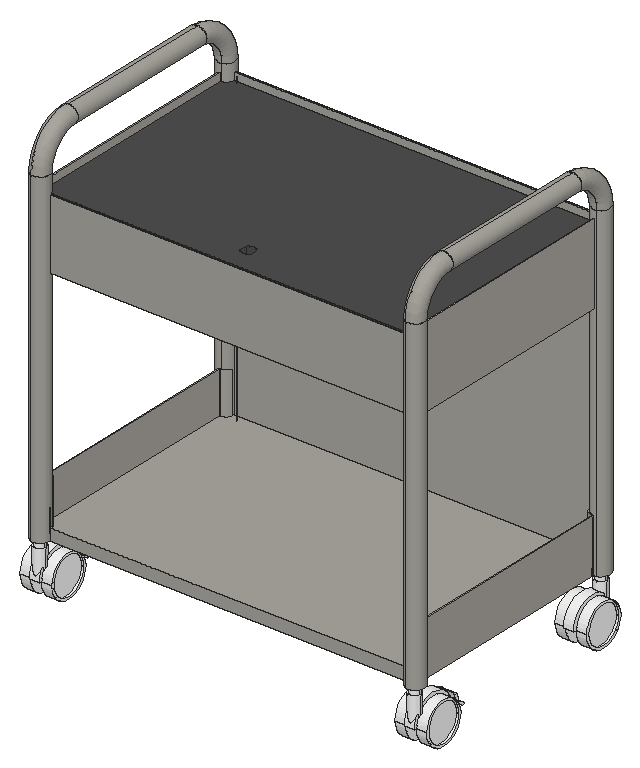
Revit family "Storage-Teknion-CQCPT_Routes_Personal_Tote-R2018", category Furniture, Revit 2018 (continued)
Automatic sketch dimensions
  level to Sweep 39 sketch curve = 1.17745"
  plane 7 "Front" to Sweep 40 sketch curve = 0.463"
  Sweep 40 sketch curve to level = 1.29995"
  Sweep 40 sketch curve to Sweep 40 sketch curve = 1.500"
  Sweep 40 sketch curve to profile plane = 0.00212"
  Sweep 40 sketch curve to profile plane = 10.50134"
  plane 7 "Front" to Sweep 41 sketch curve = 0.50025"
  Sweep 41 sketch curve to level = 1.80495"
  Sweep 41 sketch curve to Sweep 41 sketch curve = 1.7525"
  profile plane to Sweep 41 sketch curve = 0.03791"
  Sweep 41 sketch curve to profile plane = 10.50108"
  plane 5 "Right" to Sweep 42 sketch curve = 1.780"
  Sweep 42 sketch curve to plane 7 "Front" = 1.43945"
  Sweep 42 sketch curve to Sweep 42 sketch curve = 0.175"
  profile plane to Sweep 42 sketch curve = 0.05464"
  level to Sweep 42 sketch curve = 1.17857"
  Sweep 43 sketch curve to plane 5 "Right" = 0.000"
  plane 5 "Right" to Sweep 43 sketch curve = 0.175"
  Sweep 43 sketch curve to plane 7 "Front" = 1.33018"
  profile plane to Sweep 43 sketch curve = 0.05464"
  level to Sweep 43 sketch curve = 1.17857"
  plane 5 "Right" to Sweep 44 sketch curve = 1.3275"
  plane 5 "Right" to Sweep 44 sketch curve = 0.4525"
  Sweep 44 sketch curve to plane 7 "Front" = 3.09394"
  profile plane to Sweep 44 sketch curve = 1.78917"
  Sweep 44 sketch curve to Sweep 44 sketch curve = 0.24724"
  profile plane to Sweep 44 sketch curve = 0.43198"
  profile plane to Sweep 44 sketch curve = 0.22745"
  Sweep 44 sketch curve to Sweep 44 sketch curve = 0.0247"
  Sweep 44 sketch curve to Sweep 44 sketch curve = 0.08134"
  Sweep 44 sketch curve to profile plane = 0.15534"
  Sweep 44 sketch curve to Sweep 44 sketch curve = 0.02934"  (x2)
  level to Sweep 44 sketch curve = 1.0953"
  level to Sweep 44 sketch curve = 1.14964"
  Sweep 44 sketch curve to Sweep 44 sketch curve = 0.05518"
  Sweep 44 sketch curve to Sweep 44 sketch curve = 0.07735"
  Sweep 44 sketch curve to Sweep 44 sketch curve = 0.20353"
  Sweep 44 sketch curve to Sweep 44 sketch curve = 0.02993"
  Sweep 44 sketch curve to Sweep 44 sketch curve = 0.05525"
  Sweep 44 sketch curve to Sweep 44 sketch curve = 0.41708"
  Sweep 44 sketch curve to Sweep 44 sketch curve = 0.01933"
  Sweep 44 sketch curve to Sweep 44 sketch curve = 0.000"
  plane 5 "Right" to Sweep 45 sketch curve = 1.0775"
  plane 5 "Right" to Sweep 45 sketch curve = 0.7025"
  Sweep 45 sketch curve to plane 7 "Front" = 2.29172"
  profile plane to Sweep 45 sketch curve = 0.90327"
  profile plane to Sweep 45 sketch curve = 0.0768"
  profile plane to Sweep 45 sketch curve = 0.03725"
  Sweep 45 sketch curve to profile plane = 0.19938"
  Sweep 45 sketch curve to Sweep 45 sketch curve = 0.07926"
  Sweep 45 sketch curve to Sweep 45 sketch curve = 0.11438"
  Sweep 45 sketch curve to Sweep 45 sketch curve = 0.22006"
  Sweep 45 sketch curve to Sweep 45 sketch curve = 0.20377"
  Sweep 45 sketch curve to Sweep 45 sketch curve = 0.11457"
  level to Sweep 45 sketch curve = 0.67745"
  Sweep 45 sketch curve to Sweep 45 sketch curve = 0.21628"
  Sweep 45 sketch curve to Sweep 45 sketch curve = 0.25029"
  Sweep 45 sketch curve to Sweep 45 sketch curve = 0.16849"
  Sweep 45 sketch curve to Sweep 45 sketch curve = 0.21547"
  Sweep 45 sketch curve to Sweep 45 sketch curve = 0.500"
  Sweep 45 sketch curve to Sweep 45 sketch curve = 0.25369"
  Sweep 46 sketch curve to plane 3 "Center Left/Right" = 0.000"
  Sweep 46 sketch curve to profile plane = 0.000"  (x2)
  profile plane to Sweep 46 sketch curve = 0.31496"
  plane 1 "Center Front/Back" to Sweep 46 sketch curve = 4.83438"
  Sweep 46 sketch curve to profile plane = 0.31496"
  Sweep 46 sketch curve to Sweep 46 sketch curve = 0.20616"
  Sweep 46 sketch curve to Sweep 46 sketch curve = 0.0061"
  Sweep 46 sketch curve to Sweep 46 sketch curve = 0.1948"
  profile plane to Sweep 47 sketch curve = 0.16231"
  Sweep 47 sketch curve to profile plane = 0.47417"
  Sweep 48 sketch curve to profile plane = 0.000"
  Sweep 48 sketch curve to profile plane = 0.49933"
  plane 4 "Left" to Masking region 1 sketch curve = 0.39194"
  Masking region 1 sketch curve to Masking region 1 sketch curve = 0.49928"
  Masking region 1 sketch curve to plane 7 "Front" = 0.50158"
  Masking region 1 sketch curve to plane 6 "Back" = 0.47668"
  Masking region 4 sketch curve to plane 6 "Back" = 0.57547"
  plane 4 "Left" to Masking region 4 sketch curve = 1.39111"
  plane 5 "Right" to Masking region 4 sketch curve = 1.39051"
  Masking region 4 sketch curve to Masking region 4 sketch curve = 0.0867"
  Masking region 5 sketch curve to plane 7 "Front" = 0.58694"
  plane 4 "Left" to Masking region 5 sketch curve = 1.39111"
  plane 5 "Right" to Masking region 5 sketch curve = 1.38791"
  Masking region 5 sketch curve to plane 6 "Back" = 0.57547"
  Masking region 6 sketch curve to plane 7 "Front" = 0.50475"
  plane 4 "Left" to Masking region 6 sketch curve = 1.39011"
  plane 5 "Right" to Masking region 6 sketch curve = 1.38791"
  Masking region 6 sketch curve to Masking region 6 sketch curve = 0.0822"
  Masking region 3 sketch curve to plane 7 "Front" = 0.49836"
  Masking region 3 sketch curve to plane 6 "Back" = 0.47668"
  plane 5 "Right" to Masking region 3 sketch curve = 0.39194"
  Masking region 3 sketch curve to Masking region 3 sketch curve = 0.49928"
  Masking region 7 sketch curve to plane 7 "Front" = 0.58694"
  plane 4 "Left" to Masking region 7 sketch curve = 1.39111"
  plane 5 "Right" to Masking region 7 sketch curve = 1.38791"
  Masking region 7 sketch curve to plane 6 "Back" = 0.57547"
  Masking region 2 sketch curve to Masking region 2 sketch curve = 0.000"  (x6)
  Masking region 2 sketch curve to plane 4 "Left" = 0.000"  (x2)
  Masking region 2 sketch curve to plane 5 "Right" = 0.000"  (x2)
  plane 4 "Left" to Masking region 2 sketch curve = 0.38987"
  plane 4 "Left" to Masking region 2 sketch curve = 0.39194"
  Masking region 2 sketch curve to Masking region 2 sketch curve = 0.05505"
  Masking region 2 sketch curve to Masking region 2 sketch curve = 0.0906"
  Masking region 2 sketch curve to Masking region 2 sketch curve = 0.49787"
  Masking region 2 sketch curve to Masking region 2 sketch curve = 0.49758"
  Masking region 2 sketch curve to Masking region 2 sketch curve = 0.00171"  (x2)
  Masking region 2 sketch curve to plane 7 "Front" = 0.2123"  (x4)
  Masking region 2 sketch curve to Masking region 2 sketch curve = 0.40728"  (x2)
  Masking region 2 sketch curve to Masking region 2 sketch curve = 0.43874"  (x2)
  Masking region 2 sketch curve to Masking region 2 sketch curve = 0.09289"  (x2)
  Masking region 2 sketch curve to Masking region 2 sketch curve = 0.06114"  (x2)
  Masking region 2 sketch curve to Masking region 2 sketch curve = 0.38876"  (x2)
  Masking region 2 sketch curve to Masking region 2 sketch curve = 0.48498"
  Masking region 2 sketch curve to plane 7 "Front" = 0.58694"
  plane 5 "Right" to Masking region 2 sketch curve = 1.780"
  Masking region 2 sketch curve to plane 6 "Back" = 0.24877"
  plane 5 "Right" to Masking region 2 sketch curve = 1.77987"
  Masking region 2 sketch curve to Masking region 2 sketch curve = 0.39209"
  Masking region 2 sketch curve to Masking region 2 sketch curve = 0.48047"
  plane 5 "Right" to Masking region 2 sketch curve = 0.44699"
  plane 5 "Right" to Masking region 2 sketch curve = 0.39194"
  Masking region 2 sketch curve to Masking region 2 sketch curve = 0.38987"
  Masking region 2 sketch curve to Masking region 2 sketch curve = 0.24398"  (x2)
  Masking region 2 sketch curve to Masking region 2 sketch curve = 0.0846"
  Masking region 2 sketch curve to Masking region 2 sketch curve = 2.10104"  (x2)
  Masking region 2 sketch curve to plane 6 "Back" = 2.59379"
  Masking region 2 sketch curve to Masking region 2 sketch curve = 2.10502"
  Masking region 2 sketch curve to plane 6 "Back" = 0.48877"
  Masking region 2 sketch curve to plane 6 "Back" = 0.47668"  (x2)
  curve 12 to plane 3 "Center Left/Right" = 0.000"
  curve 14 to plane 3 "Center Left/Right" = 0.000"
  curve 11 to plane 3 "Center Left/Right" = 0.31496"
  plane 4 "Left" to curve 16 = 1.780"
  plane 4 "Left" to curve 76 = 1.3275"
  curve 85 to plane 7 "Front" = 0.2123"
  plane 4 "Left" to curve 85 = 1.215"
  curve 18 to plane 6 "Back" = 0.24877"
  plane 4 "Left" to curve 18 = 1.215"
  curve 25 to curve 17 = 0.040"
  curve 81 to curve 74 = 0.250"
  curve 40 to curve 85 = 0.32608"
  curve 28 to curve 17 = 0.32608"
  curve 26 to curve 28 = 0.00026"
  curve 37 to curve 39 = 0.00026"
  curve 78 to curve 78 = 0.375"
  curve 23 to curve 22 = 0.570"
  curve 19 to curve 23 = 0.040"
  plane 4 "Left" to curve 82 = 0.565"
  curve 74 to curve 78 = 0.250"
  plane 3 "Center Left/Right" to curve 13 = 0.31496"
  plane 5 "Right" to curve 49 = 1.780"
  plane 5 "Right" to curve 58 = 1.780"
  curve 58 to curve 72 = 0.4525"
  curve 52 to plane 6 "Back" = 0.24877"
  plane 5 "Right" to curve 52 = 1.215"
  curve 61 to plane 7 "Front" = 0.2123"
  curve 58 to curve 61 = 0.565"
  curve 51 to curve 57 = 0.040"
  curve 70 to curve 66 = 0.250"
  curve 60 to curve 42 = 0.32366"
  curve 51 to curve 45 = 0.32366"
  curve 45 to curve 48 = 0.00026"
  curve 41 to curve 43 = 0.00026"
  curve 67 to curve 68 = 0.375"
  curve 36 to plane 7 "Front" = 0.09595"
  curve 41 to curve 36 = 0.28634"
  curve 35 to curve 64 = 0.040"
  curve 36 to curve 54 = 0.040"
  curve 62 to curve 72 = 0.1125"
  curve 32 to plane 7 "Front" = 0.09595"
  curve 35 to curve 64 = 0.11636"
  curve 31 to curve 84 = 0.11636"
  curve 60 to curve 42 = 0.25281"
  curve 83 to curve 37 = 0.25281"
  curve 41 to curve 44 = 0.00278"
  curve 37 to curve 39 = 0.00278"
  curve 43 to curve 67 = 0.92055"
  curve 39 to curve 79 = 0.92055"
  curve 11 to plane 7 "Front" = 1.75841"
  curve 14 to curve 14 = 0.1948"
  curve 14 to curve 12 = 0.0061"
  curve 12 to curve 11 = 0.20616"
  curve 67 to curve 60 = 1.16888"
  curve 80 to curve 87 = 1.16888"
  curve 59 to curve 62 = 0.000"
  curve 83 to curve 86 = 0.000"
  curve 86 to curve 76 = 0.08531"
  curve 62 to curve 72 = 0.08531"
  curve 76 to curve 81 = 0.5805"
  curve 72 to curve 69 = 0.5805"
  curve 66 to curve 70 = 0.11799"
  curve 78 to curve 75 = 0.11799"
  curve 23 to curve 17 = 2.50589"
  curve 50 to curve 51 = 2.34502"
  curve 50 to curve 55 = 0.000"
  curve 22 to curve 20 = 0.16087"
  curve 22 to curve 16 = 0.16087"
  curve 27 to curve 17 = 0.25281"
  curve 45 to curve 51 = 0.25281"
  curve 45 to curve 47 = 0.00278"
  curve 26 to curve 28 = 0.00278"
  curve 53 to plane 6 "Back" = 0.24877"
  curve 20 to plane 6 "Back" = 0.24877"
  curve 17 to curve 25 = 0.11636"
  curve 51 to curve 57 = 0.11636"
  curve 85 to curve 88 = 0.565"
  curve 15 to plane 6 "Back" = 0.48877"
  curve 17 to curve 15 = 0.56487"
  curve 17 to curve 18 = 0.11497"
  curve 85 to curve 85 = 0.08002"
  curve 85 to curve 38 = 0.00773"
  curve 17 to curve 27 = 0.00773"
  curve 28 to curve 26 = 0.06603"
  curve 39 to curve 37 = 0.06603"
  curve 84 to curve 83 = 0.08453"
  curve 19 to curve 19 = 0.11801"
  curve 21 to curve 20 = 0.17306"
  curve 82 to curve 75 = 0.06263"
  curve 49 to plane 6 "Back" = 0.48877"
  curve 49 to curve 51 = 0.56487"
  curve 52 to curve 51 = 0.11497"
  curve 61 to curve 60 = 0.08002"
  curve 45 to curve 51 = 0.01041"
  curve 41 to curve 60 = 0.01041"
  curve 45 to curve 48 = 0.06655"
  curve 41 to curve 43 = 0.06655"
  curve 63 to curve 64 = 0.08453"
  curve 53 to curve 53 = 0.11801"
  curve 54 to curve 55 = 0.17306"
  curve 72 to curve 62 = 0.06263"
  curve 58 to plane 7 "Front" = 0.50475"
  curve 88 to plane 7 "Front" = 0.50475"
  curve 59 to curve 65 = 0.16087"
  curve 56 to curve 50 = 0.16087"
  radius of Sweep 1 sketch curve = 0.500"
  radius of Sweep 2 sketch curve = 0.500"
  radius of Sweep 3 sketch curve = 0.500"
  radius of Sweep 4 sketch curve = 0.500"
  radius of Sweep 14 sketch curve = 1.17251"
  radius of Sweep 15 sketch curve = 1.07296"
  radius of Sweep 16 sketch curve = 1.17251"
  radius of Sweep 17 sketch curve = 1.07296"
  radius of Sweep 19 sketch curve = 0.33407"
  radius of Sweep 20 sketch curve = 0.26778"
  radius of Sweep 21 sketch curve = 1.17251"
  radius of Sweep 22 sketch curve = 1.17251"
  radius of Sweep 24 sketch curve = 0.33407"
  radius of Sweep 25 sketch curve = 0.26778"
  radius of Sweep 26 sketch curve = 1.07296"
  radius of Sweep 27 sketch curve = 1.07296"
  radius of Sweep 30 sketch curve = 1.17251"
  radius of Sweep 31 sketch curve = 1.07296"
  radius of Sweep 32 sketch curve = 1.17251"
  radius of Sweep 33 sketch curve = 1.07296"
  radius of Sweep 35 sketch curve = 0.33407"
  radius of Sweep 36 sketch curve = 0.26778"
  radius of Sweep 37 sketch curve = 1.17251"
  radius of Sweep 38 sketch curve = 1.17251"
  radius of Sweep 40 sketch curve = 0.33407"
  radius of Sweep 41 sketch curve = 0.26778"
  radius of Sweep 42 sketch curve = 1.07296"
  radius of Sweep 43 sketch curve = 1.07296"
  radius of Sweep 47 sketch curve = 0.500"
  radius of Sweep 48 sketch curve = 0.500"
Types (3): name | Model | Key Lock Cut Hole Depth | 2D Lock | Description
  (no name) | "CQCPTY1422" | 4.1021" | yes | "Routes Personal Tote, Drawer Lock, Keyed Random, 14\" Depth, 22\" Width"
  Drawer Lock, Keyed Random, 14"d x 22"w | "CQCPTY1422" | 4.1021" | yes | "Routes Personal Tote, Drawer Lock, Keyed Random, 14\" Depth, 22\" Width"
  No Drawer Lock, 14"d x 22"w | "CQCPTN1422" | 0.500" | no | "Routes Personal Tote, No Drawer Lock, 14\" Depth, 22\" Width"
